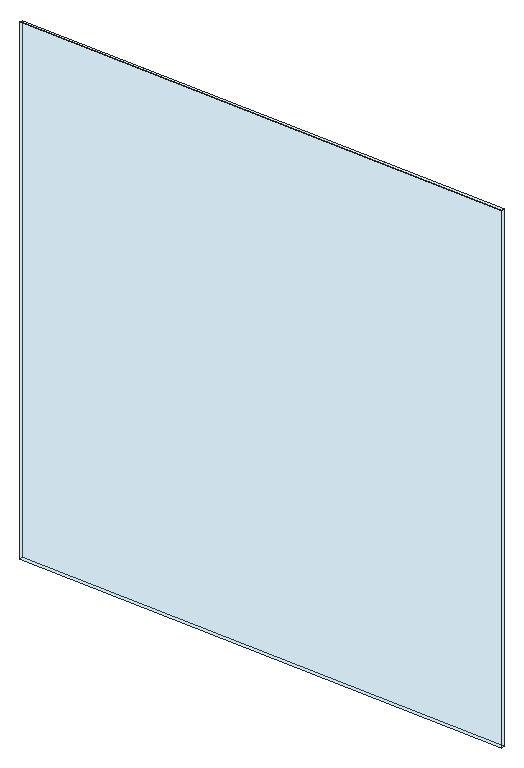
Revit family
Parameters (values of type "72" x 72"")
  Sealant = 0' - 0 3/8"
  SSO [instance] = yes
  SBO [instance] = yes
  Pocket Depth [instance] = 0' - 0 1/2"
  Head Height = Sill Height + Rough Height - Sealant  # 8' - 11 5/8"
  Depth [instance] = 0' - 4 1/2"
  Sill Height = 3' - 0"
  Rough Width = 6' - 0"
  Rough Height = 6' - 0"
  Model = "AR450P"
  Material = ""
  Manufacturer = "Arcadia"
  Sightline = 0' - 2 3/8"
  Height = Rough Height - Sealant - Sealant  # 5' - 11 1/4"
  Wall Closure = (empty or 0)
  Width = Rough Width - Sealant - Sealant  # 5' - 11 1/4"
  Glass Thickness [instance] = 0' - 0 9/16"
  Offset to Inside Face of Glass [instance] = 0' - 1 31/32"
  Construction Type = "Aluminum"
  Center of Rough Opening [instance] = Rough Width / 2  # 3' - 0"
  Center of Glass [instance] = Glass Thickness / 2  # 0' - 0 9/32"
  Center Wall to Outside Face [instance] = 0' - 2 7/8"
  CSO [instance] = yes
  Assembly Code = ""
Reference planes (in)
  plane 1 "Center (Front/Back)": y = 0
  plane 2: z = 0
  plane 3 "Center (Left/Right)": x = 12
  plane 4 "Rough Opening Bottom": z = 36
  plane 5 "Rough Opening Top": z = 108
  plane 6 "Exterior Face": y = 3.25
  plane 7 "Frame Top": z = 105.625
  plane 8 "Frame Bottom": z = 38.375
  plane 9 "Rough Opening Left": x = -24
  plane 10 "Rough Opening Right": x = 48
  plane 11 "Frame Left": x = -21.625
  plane 12 "Frame Right": x = 45.625
  plane 13 "Exterior Glass Edge": y = 0.08019
  plane 14 "Interior Glass Edge": y = -0.48231
  plane 15 "Glass Centerline": y = -0.20106
  plane 16 "Frame Outside": y = 2.04894
  plane 17 "Frame Inside": y = -2.45106
  plane 18: z = 106.125
  plane 19: z = 37.875
  plane 20: x = 46.125
  plane 21: x = -22.125
  plane 22: x = 47.625
  plane 23: x = -23.625
  plane 24: z = 107.625
  plane 25: z = 36.375
Forms (in)
  Extrusion 1, solid, material "Anodize Arcadia AC2 Clear #11", detail levels coarse
    sketch origin (0, 0, 36) x (0, -1, 0) y (1, 0, 0)
      loop
        line (-2.04894, -24) -> (2.45106, -24) -> (2.45106, -21.625) -> (0.48231, -21.625) -> (0.48231, -22.125) -> (-0.08019, -22.125) -> (-0.08019, -21.625) -> (-2.04894, -21.625) -> (-2.04894, -24)
    from 0 to 72 <- "Rough Height"
  Extrusion 2, solid, material "Anodize Arcadia AC2 Clear #11", detail levels coarse
    sketch origin (0, 0, 36) x (0, -1, 0) y (1, 0, 0)
      loop
        line (-2.04894, 45.625) -> (-0.08019, 45.625) -> (-0.08019, 46.125) -> (0.48231, 46.125) -> (0.48231, 45.625) -> (2.45106, 45.625) -> (2.45106, 48) -> (-2.04894, 48) -> (-2.04894, 45.625)
    from 0 to 72 <- "Rough Height"
  Extrusion 3, solid, material "Glass"
    sketch origin (-0.5, 0, 36) x (0, -1, 0) y (1, 0, 0)
      loop
        line (-0.08019, -21.625) -> (0.48231, -21.625) -> (0.48231, 46.625) -> (-0.08019, 46.625) -> (-0.08019, -21.625)
    from 1.875 to 70.125
  Extrusion 4, solid, material "Anodize Arcadia AC2 Clear #11", detail levels coarse
    sketch origin (-24, 0, 0) x (0, 1, 0) y (0, 0, 1)
      loop
        line (-2.45106, 108) -> (-2.45106, 105.625) -> (-0.48231, 105.625) -> (-0.48231, 106.125) -> (0.08019, 106.125) -> (0.08019, 105.625) -> (2.04894, 105.625) -> (2.04894, 108) -> (-2.45106, 108)
    from 0 to 72 <- "Rough Width"
  Extrusion 5, solid, material "Anodize Arcadia AC2 Clear #11", detail levels coarse
    sketch origin (-24, 0, 0) x (0, 1, 0) y (0, 0, 1)
      loop
        line (2.04894, 38.375) -> (0.08019, 38.375) -> (0.08019, 37.875) -> (-0.48231, 37.875) -> (-0.48231, 38.375) -> (-2.45106, 38.375) -> (-2.45106, 36) -> (2.04894, 36) -> (2.04894, 38.375)
    from 0 to 72 <- "Rough Width"
  Extrusion 6, void
    sketch origin (0, 0, 36) x (0, -1, 0) y (1, 0, 0)
      loop
        line (-3.25, -24) -> (4.75, -24) -> (4.75, 48) -> (-3.25, 48) -> (-3.25, -24)
    from 0 to 72 <- "Rough Height"
Lines and regions (in)
  symbolic lines, detail levels coarse
    curve 1: line (-24, 2.04894, 0) -> (-21.625, 2.04894, 0)
    curve 2: line (-21.625, 2.04894, 0) -> (-21.625, 0.08019, 0)
    curve 3: line (46.125, 0.08019, 0) -> (-22.125, 0.08019, 0)
    curve 4: line (-22.125, 0.08019, 0) -> (-22.125, -0.48231, 0)
    curve 5: line (-22.125, -0.48231, 0) -> (46.125, -0.48231, 0)
    curve 6: line (-21.625, -0.48231, 0) -> (-21.625, -2.45106, 0)
    curve 7: line (-21.625, -2.45106, 0) -> (-24, -2.45106, 0)
    curve 8: line (-24, -2.45106, 0) -> (-24, 2.04894, 0)
    curve 9: line (45.625, 2.04894, 0) -> (48, 2.04894, 0)
    curve 10: line (48, 2.04894, 0) -> (48, -2.45106, 0)
    curve 11: line (48, -2.45106, 0) -> (45.625, -2.45106, 0)
    curve 12: line (45.625, -2.45106, 0) -> (45.625, -0.48231, 0)
    curve 13: line (46.125, -0.48231, 0) -> (46.125, 0.08019, 0)
    curve 14: line (45.625, 0.08019, 0) -> (45.625, 2.04894, 0)
Text (in)
  text "EXTERIOR" at (-58.6888, 50.90694, 0), in view "Ref. Level"
  text "INTERIOR" at (-58.6888, -37.76638, 0), in view "Ref. Level"
  text "Exterior" at (0, 43.65631, 123.19604), in view "Left"
  text "Exterior" at (0, 18.29385, 125.04747), in view "Right"
Dimensions and locks (in)
  "Rough Height": plane 4 "Rough Opening Bottom" to plane 5 "Rough Opening Top"
  "Sill Height": plane 2 to plane 4 "Rough Opening Bottom"
  "Sightline": plane 7 "Frame Top" to plane 5 "Rough Opening Top"
  "Sightline": plane 4 "Rough Opening Bottom" to plane 8 "Frame Bottom"
  "Rough Width": plane 9 "Rough Opening Left" to plane 10 "Rough Opening Right"
  "Sightline": plane 9 "Rough Opening Left" to plane 11 "Frame Left"
  "Sightline": plane 12 "Frame Right" to plane 10 "Rough Opening Right"
  "Depth": plane 17 "Frame Inside" to plane 16 "Frame Outside"
  "Glass Thickness": plane 13 "Exterior Glass Edge" to plane 14 "Interior Glass Edge"
  "Center of Glass": plane 15 "Glass Centerline" to plane 14 "Interior Glass Edge"
  "Center of Rough Opening": plane 9 "Rough Opening Left" to plane 3 "Center (Left/Right)"
  "Offset to Inside Face of Glass": plane 17 "Frame Inside" to plane 14 "Interior Glass Edge"
  "Pocket Depth": plane 12 "Frame Right" to plane 20
  "Pocket Depth": plane 21 to plane 11 "Frame Left"
  "Pocket Depth": plane 7 "Frame Top" to plane 18
  "Pocket Depth": plane 19 to plane 8 "Frame Bottom"
  "Sealant": plane 22 to plane 10 "Rough Opening Right"
  "Sealant": plane 9 "Rough Opening Left" to plane 23
  "Sealant": plane 4 "Rough Opening Bottom" to plane 25
  "Sealant": plane 24 to plane 5 "Rough Opening Top"
  aligned and locked: plane 6 "Exterior Face" to host wall
  aligned and locked: Extrusion 1 sketch curve to plane 17 "Frame Inside"
  aligned and locked: plane 16 "Frame Outside" to Extrusion 1 sketch curve
  aligned and locked: Extrusion 1 sketch curve to plane 11 "Frame Left"
  aligned and locked: plane 9 "Rough Opening Left" to Extrusion 1 sketch curve
  aligned and locked: plane 12 "Frame Right" to Extrusion 2 sketch curve
  aligned and locked: Extrusion 2 sketch curve to plane 10 "Rough Opening Right"
  aligned and locked: Extrusion 2 sketch curve to plane 17 "Frame Inside"
  aligned and locked: plane 16 "Frame Outside" to Extrusion 2 sketch curve
  aligned and locked: Extrusion 3 sketch curve to plane 13 "Exterior Glass Edge"
  aligned and locked: plane 14 "Interior Glass Edge" to Extrusion 3 sketch curve
  aligned and locked: plane 5 "Rough Opening Top" to Extrusion 4 sketch curve
  aligned and locked: Extrusion 4 sketch curve to plane 7 "Frame Top"
  aligned and locked: Extrusion 4 sketch curve to plane 17 "Frame Inside"
  aligned and locked: plane 16 "Frame Outside" to Extrusion 4 sketch curve
  aligned and locked: Extrusion 5 sketch curve to plane 4 "Rough Opening Bottom"
  aligned and locked: plane 8 "Frame Bottom" to Extrusion 5 sketch curve
  aligned and locked: Extrusion 5 sketch curve to plane 17 "Frame Inside"
  aligned and locked: plane 16 "Frame Outside" to Extrusion 5 sketch curve
  aligned and locked: plane 4 "Rough Opening Bottom" to nested 3
  aligned and locked: nested 2 to plane 5 "Rough Opening Top"
  aligned and locked: plane 19 to Extrusion 3
  aligned and locked: Extrusion 3 to plane 18
  aligned and locked: plane 17 "Frame Inside" to nested 3
  aligned and locked: plane 17 "Frame Inside" to nested 2
  aligned and locked: nested 1 to plane 16 "Frame Outside"
  aligned and locked: plane 10 "Rough Opening Right" to nested 1
  aligned and locked: nested 4 to plane 9 "Rough Opening Left"
  aligned and locked: plane 17 "Frame Inside" to nested 4
  aligned and locked: plane 16 "Frame Outside" to import instance  (x8)
  aligned and locked: import instance to plane 4 "Rough Opening Bottom"  (x5)
  aligned and locked: import instance to plane 16 "Frame Outside"  (x4)
  aligned and locked: plane 5 "Rough Opening Top" to import instance  (x3)
  aligned and locked: level to plane 2
  aligned and locked: plane 16 "Frame Outside" to curve 1
  aligned and locked: curve 2 to plane 11 "Frame Left"
  aligned and locked: curve 6 to plane 11 "Frame Left"
  aligned and locked: curve 7 to plane 17 "Frame Inside"
  aligned and locked: curve 4 to plane 21
  aligned and locked: plane 9 "Rough Opening Left" to curve 8
  aligned and locked: curve 5 to plane 14 "Interior Glass Edge"
  aligned and locked: plane 20 to curve 13
  aligned and locked: plane 12 "Frame Right" to curve 14
  aligned and locked: plane 12 "Frame Right" to curve 12
  aligned and locked: curve 11 to plane 17 "Frame Inside"
  aligned and locked: curve 10 to plane 10 "Rough Opening Right"
  aligned and locked: plane 16 "Frame Outside" to curve 9
  aligned and locked: plane 9 "Rough Opening Left" to import instance  (x3)
  aligned and locked: plane 10 "Rough Opening Right" to import instance  (x3)
  aligned and locked: plane 4 "Rough Opening Bottom" to import instance  (x4)
  aligned and locked: Extrusion 1 sketch curve to plane 21
  aligned and locked: plane 13 "Exterior Glass Edge" to curve 3
  aligned and locked: plane 13 "Exterior Glass Edge" to Extrusion 1 sketch curve
  aligned and locked: Extrusion 1 sketch curve to plane 14 "Interior Glass Edge"
  aligned and locked: Extrusion 5 sketch curve to plane 14 "Interior Glass Edge"
  aligned and locked: plane 19 to Extrusion 5 sketch curve
  aligned and locked: plane 13 "Exterior Glass Edge" to Extrusion 5 sketch curve
  aligned and locked: plane 14 "Interior Glass Edge" to Extrusion 2 sketch curve
  aligned and locked: Extrusion 2 sketch curve to plane 20
  aligned and locked: Extrusion 2 sketch curve to plane 13 "Exterior Glass Edge"
  aligned and locked: plane 18 to Extrusion 4 sketch curve
  aligned and locked: Extrusion 4 sketch curve to plane 13 "Exterior Glass Edge"
  aligned and locked: plane 14 "Interior Glass Edge" to Extrusion 4 sketch curve
  aligned and locked: plane 9 "Rough Opening Left" to Extrusion 6 sketch curve
  aligned and locked: plane 6 "Exterior Face" to Extrusion 6 sketch curve
  aligned and locked: host wall to Extrusion 6 sketch curve
  aligned and locked: plane 10 "Rough Opening Right" to Extrusion 6 sketch curve
Automatic sketch dimensions
  Extrusion 3 sketch curve to plane 21 = 0' - 0"
  Extrusion 3 sketch curve to plane 20 = 0' - 0"
  Extrusion 1 sketch curve to plane 11 "Frame Left" = 0' - 0"
  Extrusion 5 sketch curve to plane 8 "Frame Bottom" = 0' - 0"
  Extrusion 2 sketch curve to plane 12 "Frame Right" = 0' - 0"
  Extrusion 4 sketch curve to plane 7 "Frame Top" = 0' - 0"
Nested families (in)
  nested 1: "Window-Arcadia-AR450P-Med-Jamb-R" at (46.9375, -0.20106, 0) x (-1, 0, 0) z (0, 0, 1), type "Window-Arcadia-AR450P-Med-Jamb-R", detail levels medium
    with Sightline 0' - 2 3/8", Pocket Depth 0' - 0 1/2", Offset to Inside Face of Glass 0' - 1 31/32", Glass Width 0' - 0 9/16", Frame Wall Thickness 0' - 0 3/32", Depth 0' - 4 1/2", Center of Glass 0' - 0 9/32"
  nested 2: "Window-Arcadia-AR450P-Med-Head" at (33.875, -0.20106, 108) x (0, -1, 0) z (1, 0, 0), type "Window-Arcadia-AR450P-Med-Head", detail levels medium
    with Sightline 0' - 2 3/8", Pocket Depth 0' - 0 1/2", Offset to Inside Face of Glass 0' - 1 31/32", Glass Width 0' - 0 9/16", Frame Wall Thickness 0' - 0 3/32", Depth 0' - 4 1/2", Center of Glass 0' - 0 9/32"
  nested 3: "Window-Arcadia-AR450P-Med-Sill" at (33.875, -0.20106, 36) x (0, -1, 0) z (1, 0, 0), type "Window-Arcadia-AR450P-Med-Sill", detail levels medium
    with Sightline 0' - 2 3/8", Pocket Depth 0' - 0 1/2", Offset to Inside Face of Glass 0' - 1 31/32", Glass Width 0' - 0 9/16", Frame Wall Thickness 0' - 0 3/32", Depth 0' - 4 1/2", Center of Glass 0' - 0 9/32"
  nested 4: "Window-Arcadia-AR450P-Med-Jamb-L" at (-22.9375, -0.20106, 0) x (-1, 0, 0) z (0, 0, 1), type "Window-Arcadia-AR450P-Med-Jamb-L", detail levels medium
    with Sightline 0' - 2 3/8", Pocket Depth 0' - 0 1/2", Offset to Inside Face of Glass 0' - 1 31/32", Glass Width 0' - 0 9/16", Frame Wall Thickness 0' - 0 3/32", Depth 0' - 4 1/2", Center of Glass 0' - 0 9/32"
Definition of nested family "Window-Arcadia-AR450P-Med-Jamb-R"
  Parameters (values of type "Window-Arcadia-TC670-Med-Jamb-R")
    Depth [instance] = 0' - 6"
    Pocket Depth [instance] = 0' - 0 3/4"
    Offset to Inside Face of Glass [instance] = 0' - 4"
    Glass Width [instance] = 0' - 1"
    Sightline [instance] = 0' - 2 5/8"
    Center of Glass [instance] = Glass Width / 2  # 0' - 0 1/2"
    Frame Wall Thickness [instance] = 0' - 0 3/32"
    Assembly Code = ""
  Reference planes (in)
    plane 1 "Center (Front/Back)": y = 0
    plane 2: z = 0
    plane 3: x = 1.5625
    plane 4 "back": x = -1.0625
    plane 5: y = 4.5
    plane 6: y = -1.5
    plane 7 "Inside Face of Glass": y = 0.5
    plane 8: y = -0.5
    plane 9: x = 0.8125
  Lines and regions (in)
    detail lines, in view "Ref. Level", detail levels medium
      curve 1: line (-1.0625, 4.5, 0) -> (-1.0625, -1.5, 0)
      curve 2: line (-1.0625, -1.5, 0) -> (1.5625, -1.5, 0)
      curve 3: line (1.5625, -1.5, 0) -> (1.5625, -0.5, 0)
      curve 4: line (1.5625, -0.5, 0) -> (0.8125, -0.5, 0)
      curve 5: line (0.8125, -0.5, 0) -> (0.8125, 0.5, 0)
      curve 6: line (0.8125, 0.5, 0) -> (1.5625, 0.5, 0)
      curve 7: line (1.5625, 0.5, 0) -> (1.5625, 4.5, 0)
      curve 8: line (1.5625, 4.5, 0) -> (-1.0625, 4.5, 0)
      curve 9: line (1.46875, 4.40625, 0) -> (-0.96875, 4.40625, 0)
      curve 10: line (-0.96875, 4.40625, 0) -> (-0.96875, -1.40625, 0)
      curve 11: line (-0.96875, -1.40625, 0) -> (1.46875, -1.40625, 0)
      curve 12: line (1.46875, -1.40625, 0) -> (1.46875, -0.59375, 0)
      curve 13: line (1.46875, -0.59375, 0) -> (0.71875, -0.59375, 0)
      curve 14: line (0.71875, -0.59375, 0) -> (0.71875, 0.59375, 0)
      curve 15: line (0.71875, 0.59375, 0) -> (1.46875, 0.59375, 0)
      curve 16: line (1.46875, 0.59375, 0) -> (1.46875, 4.40625, 0)
      curve 17: line (1.5625, 4.5, 0) -> (-1.0625, 4.5, 0)
      curve 18: line (-1.0625, 4.40625, 0) -> (-1.0625, -1.5, 0)
  Dimensions and locks (in)
    "Sightline": plane 4 "back" to plane 3
    "Depth": plane 5 to plane 6
    "Center of Glass": plane 1 "Center (Front/Back)" to plane 7 "Inside Face of Glass"
    "Glass Width": plane 8 to plane 7 "Inside Face of Glass"
    "Pocket Depth": plane 9 to plane 3
    "Offset to Inside Face of Glass": plane 5 to plane 7 "Inside Face of Glass"
    "Frame Wall Thickness": plane 5 to curve 9
    "Frame Wall Thickness": plane 4 "back" to curve 10
    "Frame Wall Thickness": curve 11 to plane 6
    "Frame Wall Thickness": curve 12 to plane 3
    "Frame Wall Thickness": curve 13 to plane 8
    "Frame Wall Thickness": plane 7 "Inside Face of Glass" to curve 15
    "Frame Wall Thickness": curve 14 to plane 9
    "Frame Wall Thickness": curve 16 to plane 3
    aligned and locked: plane 5 to curve 8
    aligned and locked: curve 1 to plane 4 "back"
    aligned and locked: curve 2 to plane 6
    aligned and locked: plane 3 to curve 3
    aligned and locked: curve 4 to plane 8
    aligned and locked: plane 9 to curve 5
    aligned and locked: plane 7 "Inside Face of Glass" to curve 6
    aligned and locked: plane 3 to curve 7
  Automatic sketch dimensions
    curve 18 to curve 9 = 0' - 0"
Definition of nested family "Window-Arcadia-AR450P-Med-Head"
  Parameters (values of type "Window-Arcadia-A400-Med-Head")
    Depth [instance] = 0' - 6"
    Pocket Depth [instance] = 0' - 0 1/2"
    Offset to Inside Face of Glass [instance] = 0' - 4"
    Glass Width [instance] = 0' - 1"
    Sightline [instance] = 0' - 2 5/8"
    Center of Glass [instance] = Glass Width / 2  # 0' - 0 1/2"
    Frame Wall Thickness [instance] = 0' - 0 3/32"
    Assembly Code = ""
  Reference planes (in)
    plane 1 "Center (Front/Back)": y = 0
    plane 2: z = 0
    plane 3 "Center (Left/Right)": x = 0
    plane 4: x = -0.5
    plane 5 "Inside Face of Glass": x = 0.5
    plane 6: y = -2.625
    plane 7: x = 4.5
    plane 8: x = -1.5
    plane 9: y = -2.125
  Lines and regions (in)
    detail lines, in view "Ref. Level", detail levels medium
      curve 1: line (-1.5, 0, 0) -> (-1.5, -2.625, 0)
      curve 2: line (-1.5, -2.625, 0) -> (-0.5, -2.625, 0)
      curve 3: line (-0.5, -2.625, 0) -> (-0.5, -2.125, 0)
      curve 4: line (-0.5, -2.125, 0) -> (0.5, -2.125, 0)
      curve 5: line (0.5, -2.125, 0) -> (0.5, -2.625, 0)
      curve 6: line (0.5, -2.625, 0) -> (4.5, -2.625, 0)
      curve 7: line (4.5, -2.625, 0) -> (4.5, 0, 0)
      curve 8: line (4.5, 0, 0) -> (-1.5, 0, 0)
      curve 9: line (-1.40625, -0.09375, 0) -> (-1.40625, -2.53125, 0)
      curve 10: line (4.40625, -0.09375, 0) -> (-1.40625, -0.09375, 0)
      curve 11: line (4.40625, -2.53125, 0) -> (4.40625, -0.09375, 0)
      curve 12: line (0.59375, -2.53125, 0) -> (4.40625, -2.53125, 0)
      curve 13: line (-1.40625, -2.53125, 0) -> (-0.59375, -2.53125, 0)
      curve 14: line (-0.59375, -2.53125, 0) -> (-0.59375, -2.03125, 0)
      curve 15: line (-0.59375, -2.03125, 0) -> (0.59375, -2.03125, 0)
      curve 16: line (0.59375, -2.03125, 0) -> (0.59375, -2.53125, 0)
  Dimensions and locks (in)
    "Sightline": plane 6 to plane 1 "Center (Front/Back)"
    "Depth": plane 8 to plane 7
    "Pocket Depth": plane 6 to plane 9
    "Offset to Inside Face of Glass": plane 5 "Inside Face of Glass" to plane 7
    "Glass Width": plane 4 to plane 5 "Inside Face of Glass"
    "Center of Glass": plane 3 "Center (Left/Right)" to plane 5 "Inside Face of Glass"
    "Frame Wall Thickness": plane 8 to curve 9
    "Frame Wall Thickness": curve 10 to plane 1 "Center (Front/Back)"
    "Frame Wall Thickness": curve 11 to plane 7
    "Frame Wall Thickness": plane 6 to curve 12
    "Frame Wall Thickness": plane 6 to curve 13
    "Frame Wall Thickness": plane 9 to curve 15
    "Frame Wall Thickness": plane 5 "Inside Face of Glass" to curve 16
    "Frame Wall Thickness": curve 14 to plane 4
    aligned and locked: curve 8 to plane 1 "Center (Front/Back)"
    aligned and locked: plane 7 to curve 7
    aligned and locked: curve 1 to plane 8
    aligned and locked: plane 9 to curve 4
    aligned and locked: plane 4 to curve 3
    aligned and locked: plane 6 to curve 2
    aligned and locked: plane 6 to curve 6
  Automatic sketch dimensions
    curve 5 to plane 5 "Inside Face of Glass" = 0' - 0"
Definition of nested family "Window-Arcadia-AR450P-Med-Sill"
  Parameters (values of type "Window-Arcadia-A400-Med-Sill")
    Depth [instance] = 0' - 6"
    Pocket Depth [instance] = 0' - 0 1/2"
    Offset to Inside Face of Glass [instance] = 0' - 4"
    Glass Width [instance] = 0' - 1"
    Sightline [instance] = 0' - 2 5/8"
    Center of Glass [instance] = Glass Width / 2  # 0' - 0 1/2"
    Frame Wall Thickness [instance] = 0' - 0 3/32"
    Assembly Code = ""
  Reference planes (in)
    plane 1 "Center (Front/Back)": y = 0
    plane 2: z = 0
    plane 3 "Center (Left/Right)": x = 0
    plane 4: x = -0.5
    plane 5 "Inside Face of Glass": x = 0.5
    plane 6: y = 2.625
    plane 7: x = 4.5
    plane 8: x = -1.5
    plane 9: y = 2.125
  Lines and regions (in)
    detail lines, in view "Ref. Level", detail levels medium
      curve 1: line (-1.5, 2.625, 0) -> (-1.5, 0, 0)
      curve 2: line (-1.5, 0, 0) -> (4.5, 0, 0)
      curve 3: line (4.5, 0, 0) -> (4.5, 2.625, 0)
      curve 4: line (4.5, 2.625, 0) -> (0.5, 2.625, 0)
      curve 5: line (0.5, 2.625, 0) -> (0.5, 2.125, 0)
      curve 6: line (0.5, 2.125, 0) -> (-0.5, 2.125, 0)
      curve 7: line (-0.5, 2.125, 0) -> (-0.5, 2.625, 0)
      curve 8: line (-0.5, 2.625, 0) -> (-1.5, 2.625, 0)
      curve 9: line (-0.59375, 2.53125, 0) -> (-1.40625, 2.53125, 0)
      curve 10: line (-1.40625, 2.53125, 0) -> (-1.40625, 0.09375, 0)
      curve 11: line (-1.40625, 0.09375, 0) -> (4.40625, 0.09375, 0)
      curve 12: line (4.40625, 0.09375, 0) -> (4.40625, 2.53125, 0)
      curve 13: line (4.40625, 2.53125, 0) -> (0.59375, 2.53125, 0)
      curve 14: line (0.59375, 2.53125, 0) -> (0.59375, 2.03125, 0)
      curve 15: line (0.59375, 2.03125, 0) -> (-0.59375, 2.03125, 0)
      curve 16: line (-0.59375, 2.03125, 0) -> (-0.59375, 2.53125, 0)
  Dimensions and locks (in)
    "Pocket Depth": plane 9 to plane 6
    "Sightline": plane 1 "Center (Front/Back)" to plane 6
    "Depth": plane 8 to plane 7
    "Offset to Inside Face of Glass": plane 5 "Inside Face of Glass" to plane 7
    "Glass Width": plane 4 to plane 5 "Inside Face of Glass"
    "Center of Glass": plane 3 "Center (Left/Right)" to plane 5 "Inside Face of Glass"
    "Frame Wall Thickness": curve 9 to plane 6
    "Frame Wall Thickness": plane 8 to curve 10
    "Frame Wall Thickness": plane 1 "Center (Front/Back)" to curve 11
    "Frame Wall Thickness": curve 12 to plane 7
    "Frame Wall Thickness": curve 13 to plane 6
    "Frame Wall Thickness": plane 5 "Inside Face of Glass" to curve 14
    "Frame Wall Thickness": curve 15 to plane 9
    "Frame Wall Thickness": curve 16 to plane 4
    aligned and locked: plane 1 "Center (Front/Back)" to curve 2
    aligned and locked: plane 7 to curve 3
    aligned and locked: curve 1 to plane 8
    aligned and locked: curve 8 to plane 6
    aligned and locked: curve 4 to plane 6
    aligned and locked: curve 6 to plane 9
    aligned and locked: curve 5 to plane 5 "Inside Face of Glass"
    aligned and locked: plane 4 to curve 7
  Automatic sketch dimensions
    curve 7 to plane 9 = 0' - 0"
Definition of nested family "Window-Arcadia-AR450P-Med-Jamb-L"
  Parameters (values of type "Window-Arcadia-TC670-Med-Jamb-L")
    Depth [instance] = 0' - 6"
    Pocket Depth [instance] = 0' - 0 1/2"
    Offset to Inside Face of Glass [instance] = 0' - 4"
    Glass Width [instance] = 0' - 1"
    Sightline [instance] = 0' - 2 1/8"
    Center of Glass [instance] = Glass Width / 2  # 0' - 0 1/2"
    Frame Wall Thickness [instance] = 0' - 0 3/32"
    Assembly Code = ""
  Reference planes (in)
    plane 1 "Center (Front/Back)": y = 0
    plane 2: z = 0
    plane 3 "BACK": x = 1.0625
    plane 4 "FRONT": x = -1.0625
    plane 5: y = 1.5
    plane 6: y = -4.5
    plane 7 "Inside Face of Glass": y = 0.5
    plane 8: y = -0.5
    plane 9: x = -0.5625
  Lines and regions (in)
    detail lines, in view "Ref. Level", detail levels medium
      curve 1: line (1.0625, 1.5, 0) -> (1.0625, -4.5, 0)
      curve 2: line (1.0625, -4.5, 0) -> (-1.0625, -4.5, 0)
      curve 3: line (-1.0625, -4.5, 0) -> (-1.0625, -0.5, 0)
      curve 4: line (-1.0625, -0.5, 0) -> (-0.5625, -0.5, 0)
      curve 5: line (-0.5625, -0.5, 0) -> (-0.5625, 0.5, 0)
      curve 6: line (-0.5625, 0.5, 0) -> (-1.0625, 0.5, 0)
      curve 7: line (-1.0625, 0.5, 0) -> (-1.0625, 1.5, 0)
      curve 8: line (-1.0625, 1.5, 0) -> (1.0625, 1.5, 0)
      curve 9: line (-0.96875, 1.40625, 0) -> (0.96875, 1.40625, 0)
      curve 10: line (-0.96875, 0.59375, 0) -> (-0.96875, 1.40625, 0)
      curve 11: line (-0.46875, 0.59375, 0) -> (-0.96875, 0.59375, 0)
      curve 12: line (-0.46875, -0.59375, 0) -> (-0.46875, 0.59375, 0)
      curve 13: line (-0.96875, -0.59375, 0) -> (-0.46875, -0.59375, 0)
      curve 14: line (-0.96875, -4.40625, 0) -> (-0.96875, -0.59375, 0)
      curve 15: line (0.96875, -4.40625, 0) -> (-0.96875, -4.40625, 0)
      curve 16: line (0.96875, 1.40625, 0) -> (0.96875, -4.40625, 0)
  Dimensions and locks (in)
    "Depth": plane 5 to plane 6
    "Pocket Depth": plane 4 "FRONT" to plane 9
    "Sightline": plane 4 "FRONT" to plane 3 "BACK"
    "Glass Width": plane 8 to plane 7 "Inside Face of Glass"
    "Center of Glass": plane 1 "Center (Front/Back)" to plane 7 "Inside Face of Glass"
    "Frame Wall Thickness": plane 4 "FRONT" to curve 10
    "Frame Wall Thickness": plane 5 to curve 9
    "Frame Wall Thickness": curve 15 to plane 6
    "Frame Wall Thickness": curve 13 to plane 8
    "Frame Wall Thickness": plane 9 to curve 12
    "Frame Wall Thickness": plane 7 "Inside Face of Glass" to curve 11
    "Frame Wall Thickness": plane 4 "FRONT" to curve 14
    "Offset to Inside Face of Glass": plane 6 to plane 8
    aligned and locked: curve 8 to plane 5
    aligned and locked: curve 1 to plane 3 "BACK"
    aligned and locked: plane 6 to curve 2
    aligned and locked: curve 3 to plane 4 "FRONT"
    aligned and locked: plane 8 to curve 4
    aligned and locked: plane 9 to curve 5
    aligned and locked: curve 6 to plane 7 "Inside Face of Glass"
    aligned and locked: plane 4 "FRONT" to curve 7
  Automatic sketch dimensions
    curve 16 to plane 3 "BACK" = 0' - 0 3/32"
